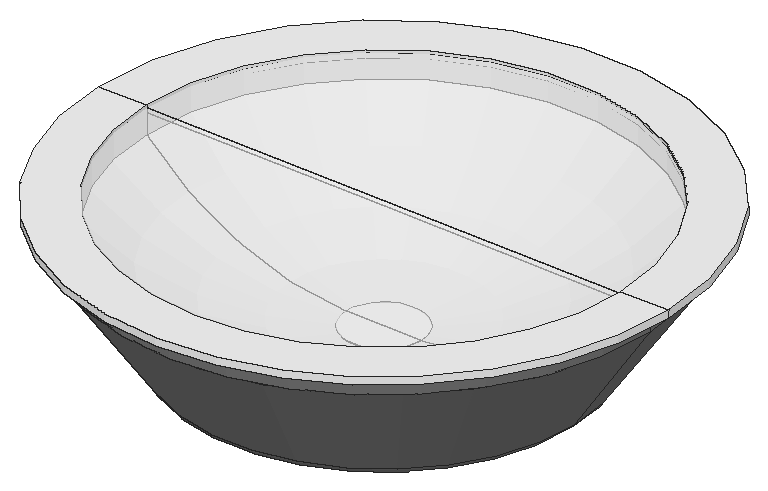
Revit family "0030389", category Lighting Fixtures, host Face, Revit 2017
Family settings
  Host = Face
  Round Connector Dimension = Use Diameter
  Part Type = Normal
  OmniClass Number = 23.80.70.00
  OmniClass Title = Lighting
  Cut with Voids When Loaded = No
  Light Source = Yes
  Shared = No
  Room Calculation Point = No
Parameters (values of type "0030389 INSAVER SLIM IP44 M 225 2239LM 840")
  WidthBezel_SYL = 20 mm
  Weight = "9.96 kg"
  Wattage Comments = ""
  Wattage = 17 W
  WarrantyStartDate [instance] = "n/a"
  WarrantyGuarantorParts = "n/a"
  WarrantyDurationUnit = "n/a"
  WarrantyDurationParts = "n/a"
  WarrantyDescription = "n/a"
  built-in parameter 1150110 = 1 (stored number, unit not read)
  Voltage = 230 V
  URL = "http://www.sylvania-lighting.com"
  TypeName = "Insaver Slim IP44 Multipower 225 2239Lm 840"
  Type Image = <None>
  Type Comments = "n/a"
  built-in parameter 1114217 = 1 (stored number, unit not read)
  Tilt Angle = -90.00°
  built-in parameter 1150109 = 1 (stored number, unit not read)
  built-in parameter 1150134 = 12
  built-in parameter 1150113 = 1 (stored number, unit not read)
  SerialNumber [instance] = "n/a"
  RadiusTop_SYL = 6 mm
  RadiusReflector_SYL = 120 mm
  Photometric Web File = "0030389_17W.ies"
  Material_3_FEILO = Top-Sylvania-STARTDownlight
  PowerFactor = 0.9
  PowerConsumption = "17 W"
  NominalLength = 240 mm
  NominalHeight = 60 mm
  NominalDepth = 240 mm
  Name = "Insaver Slim IP44 Multipower 225 2239Lm 840"
  ModelReference = Name  # "Insaver Slim IP44 Multipower 225 2239Lm 840"
  ModelNumber = "0030389"
  Model = Name  # "Insaver Slim IP44 Multipower 225 2239Lm 840"
  Material = "aluminium housing"
  ManufacturerName = "Feilo Sylvania"
  Manufacturer = "Feilo Sylvania"
  LuminousEfficacy = "131 lm/W"
  built-in parameter 1150105 = 177.22 (stored number, unit not read)
  Lumens = 2227 lm
  LuminaireType = ""
  built-in parameter 1150115 = 1 (stored number, unit not read)
  LightOutputRatio = "n/a"
  built-in parameter 1150137 = (empty or 0)
  built-in parameter 1150139 = (empty or 0)
  LampsType = Lamp  # "LED"
  LampNominalLuminous = "2239 lm"
  LampMacAdamStep = "6"
  LampColourTemperature = "4000 K"
  LampColourRenderingIndex = "80"
  built-in parameter 1150112 = 1 (stored number, unit not read)
  built-in parameter 1150114 = 1 (stored number, unit not read)
  Lamp = "LED"
  Keynote = "16500"
  InstallationDate [instance] = "n/a"
  InputVoltage = "220-240 V AC"
  InputNominalFrequency = "50/60 Hz"
  built-in parameter 1150132 = (empty or 0)
  built-in parameter 1150102 = (empty or 0)
  built-in parameter 1150107 = 4000 (stored number, unit not read)
  built-in parameter 1150138 = (empty or 0)
  IngressProtection = "IP44/20"
  ImpactProtectionIndex = "IK07"
  built-in parameter 1150106 = 1.7722 (stored number, unit not read)
  IfcExportType = "IfcLightFixtureType"
  IfcExportAs = "IfcLightFixtureType"
  Height_SYL = 60 mm
  HeightBezel_SYL = 3 mm
  ExpectedLife = 50000
  Emit from Circle Diameter = Diameter_SYL - 40 mm  # 200 mm
  Emit Shape Visible in Rendering = no
  ElectricShockClassification = "Class II"
  built-in parameter 1150104 = 12.17 (stored number, unit not read)
  DurationUnit = "hours"
  DocumentationLiterature = "http://www.sylvania-lighting.com/product/en-int/products/0030389"
  DimmingControlOptions = "n/a"
  Material_2_FEILO = Diffuser-Sylvania-STARTDownlight
  Dimming Lamp Color Temperature Shift = <None>
  Diameter_SYL = 240 mm
  DiameterTop_SYL = 158 mm
  DiameterTopBase_SYL = DiameterRecess_SYL  # 225 mm
  DiameterRecess_SYL = 225 mm
  Description = "Ceiling recessed LED downlight. With the help of DIP Switch multiple lumen outputs can be set up in 6 steps (7.7W 1060lm, 9.2W 1270lm, 11.6W 1600lm, 13W 1760lm, 15.5W 2050m, 17W 2230lm, 32W). Die-cast aluminium body, Non dimmable LED driver ; 50000 hrs (L70); 4000K; UGR <22 with shallow recessed depth 60mm."
  Default Elevation = 1219.2 mm
  CreatedOn = "1/7/2020"
  CreatedBy = "@sylvania-lighting.com"
  Cost = 0
  Color Filter = 16777215
  built-in parameter 1114216 [instance] = (empty or 0)
  ClassificationValue = "EF_70_80"
  ClassificationName = "Uniclass2015"
  Material_1_FEILO = Trim-Sylvania-STARTDownlight-White
  BarCode [instance] = "n/a"
  built-in parameter 1114218 = 1 (stored number, unit not read)
  built-in parameter 1150133 = 10 (stored number, unit not read)
  AssetType = "Fixed"
  AssetIdentifier [instance] = "n/a"
  Assembly Code = "D5020200"
  Apparent Load = 17 VA
  Material_4_FEILO = LED-Sylvania-STARTDownlight
Types (6, lengths in mm): name | Wattage | TypeName | Photometric Web File | PowerConsumption | Name | ModelReference | Model | built-in parameter 1150105 | Lumens | LampNominalLuminous | built-in parameter 1150106 | Apparent Load
  0030389 INSAVER SLIM IP44 M 225 2239LM 840 | 17 W | "Insaver Slim IP44 Multipower 225 2239Lm 840" | "0030389_17W.ies" | "17 W" | "Insaver Slim IP44 Multipower 225 2239Lm 840" | "Insaver Slim IP44 Multipower 225 2239Lm 840" | "Insaver Slim IP44 Multipower 225 2239Lm 840" | 177.22 (stored number, unit not read) | 2227 lm | "2239 lm" | 1.7722 (stored number, unit not read) | 17 VA
  0030389 INSAVER SLIM IP44 M 225 2057LM 840 | 15.5 W | "Insaver Slim IP44 Multipower 225 2057Lm 840" | "0030389_15.5W.ies" | "15.5 W" | "Insaver Slim IP44 Multipower 225 2057Lm 840" | "Insaver Slim IP44 Multipower 225 2057Lm 840" | "Insaver Slim IP44 Multipower 225 2057Lm 840" | 161.58 (stored number, unit not read) | 2030.5 lm | "2057 lm" | 1.6158 (stored number, unit not read) | 15.5 VA
  0030389 INSAVER SLIM IP44 M 225 1764LM 840 | 13 W | "Insaver Slim IP44 Multipower 225 1764Lm 840" | "0030389_13W.ies" | "13 W" | "Insaver Slim IP44 Multipower 225 1764Lm 840" | "Insaver Slim IP44 Multipower 225 1764Lm 840" | "Insaver Slim IP44 Multipower 225 1764Lm 840" | 135.52 (stored number, unit not read) | 1703 lm | "1764 lm" | 1.3552 (stored number, unit not read) | 13 VA
  0030389 INSAVER SLIM IP44 M 225 1587LM 840 | 11.6 W | "Insaver Slim IP44 Multipower 225 1587Lm 840" | "0030389_11.6W.ies" | "11.6 W" | "Insaver Slim IP44 Multipower 225 1587Lm 840" | "Insaver Slim IP44 Multipower 225 1587Lm 840" | "Insaver Slim IP44 Multipower 225 1587Lm 840" | 120.93 (stored number, unit not read) | 1519.6 lm | "1587 lm" | 1.2093 (stored number, unit not read) | 11.6 VA
  0030389 INSAVER SLIM IP44 M 225 1269LM 840 | 9.2 W | "Insaver Slim IP44 Multipower 225 1269Lm 840" | "0030389_9.2W.ies" | "9.2 W" | "Insaver Slim IP44 Multipower 225 1269Lm 840" | "Insaver Slim IP44 Multipower 225 1269Lm 840" | "Insaver Slim IP44 Multipower 225 1269Lm 840" | 95.907 (stored number, unit not read) | 1205.2 lm | "1269 lm" | 0.95907 (stored number, unit not read) | 9.2 VA
  0030389 INSAVER SLIM IP44 M 225 1067LM 840 | 7.7 W | "Insaver Slim IP44 Multipower 225 1067Lm 840" | "0030389_7.7W.ies" | "7.7 W" | "Insaver Slim IP44 Multipower 225 1067Lm 840" | "Insaver Slim IP44 Multipower 225 1067Lm 840" | "Insaver Slim IP44 Multipower 225 1067Lm 840" | 80.27 (stored number, unit not read) | 1008.7 lm | "1067 lm" | 0.8027 (stored number, unit not read) | 7.7 VA
Reference planes
  plane 1 "Center (Front/Back)": y = 0
  plane 2: z = 0
  plane 3 "Center (Left/Right)": x = 0
  plane 4: x = 120
  plane 5: x = -120
  plane 6: z = 3
  plane 7: z = -8
  plane 8: z = -57
  plane 9: x = -112.5
  plane 10: x = 112.5
  plane 11: x = -79
  plane 12: x = 79
  plane 13: z = -85
  plane 14: x = -100
  plane 15: z = 2
  plane 16: z = -45
  plane 17: x = -16
  plane 18: x = -105
  plane 19: x = -81.5
  plane 20: x = -99.5
  plane 21: x = -114
  plane 22: z = 5.5
  plane 23: z = 8.7
  plane 24: x = -113
  plane 25: z = 13.7
Forms (mm)
  Revolve 1, void
    sketch origin (0, 0, 0) x (1, 0, 0) y (0, 0, 1)
      loop
        line (0, 0) -> (-112.5, 0) -> (-112.5, -85) -> (0, -85) -> (0, 0)
      axis (0, 0) -> (0, -85)
    angle from 360 to 0
  Revolve 2, solid, material "Trim-Sylvania-STARTDownlight-White" <- "Material_1_FEILO"
    sketch origin (0, 0, 0) x (1, 0, 0) y (0, 0, 1)
      loop
        line (-100, 3) -> (-120, 3) -> (-120, 0) -> (-112.5, 0) -> (-112.5, -8) -> (-80.681, -53.768)
        arc (-80.681, -53.768) -> (-78.471, -56.129) -> (-75.357, -57) r 6
        line (-75.357, -57) -> (0, -57) -> (0, -45) -> (-16, -45)
        arc (-16, -45) -> (-61.677, -34.849) -> (-100, -8) r 120
        line (-100, -8) -> (-100, 3)
      axis (0, 3) -> (0, -57)
    angle from 360 to 0
  Revolve 3, solid, material "Diffuser-Sylvania-STARTDownlight" <- "Material_2_FEILO"
    sketch origin (0, 0, 0) x (1, 0, 0) y (0, 0, 1)
      loop
        line (-100, 0) -> (0, 0) -> (0, 2) -> (-100, 2) -> (-100, 0)
      axis (0, 2) -> (0, 0)
    angle from 360 to 0
Dimensions and locks
  equal spacing: plane 4, plane 3 "Center (Left/Right)", plane 5
  "Diameter_SYL": plane 4 to plane 5
  equal spacing: plane 10, plane 3 "Center (Left/Right)", plane 9
  equal spacing: plane 12, plane 3 "Center (Left/Right)", plane 11
  "DiameterTop_SYL": plane 12 to plane 11
  "HeightBezel_SYL": plane 6 to plane 2
  "Height_SYL": plane 6 to plane 8
  locked: plane 2 to plane 7 at 8
  locked: plane 2 to plane 13 at 85
  "WidthBezel_SYL": plane 14 to plane 5
  locked: plane 6 to plane 15 at 1
  "DiameterRecess_SYL": plane 10 to plane 9
  locked: plane 3 "Center (Left/Right)" to plane 17 at 16
  locked: plane 16 to plane 8 at 12
  locked: plane 18 to plane 21 at 9
  locked: plane 22 to plane 6 at 2.5
  locked: plane 23 to plane 22 at 3.2
  locked: plane 18 to plane 24 at 8
  locked: plane 25 to plane 23 at 5
  locked: plane 18 to plane 5 at 15
  "RadiusReflector_SYL": radius of Revolve 2 sketch curve
  "RadiusTop_SYL": radius of Revolve 2 sketch curve
  aligned and locked: plane 2 to host face
  aligned and locked: level to host face
  aligned and locked: Revolve 1 sketch curve to plane 3 "Center (Left/Right)"
  aligned and locked: plane 3 "Center (Left/Right)" to Revolve 1 sketch curve
  aligned and locked: Revolve 1 sketch curve to plane 9
  aligned and locked: plane 13 to Revolve 1 sketch curve
  aligned and locked: plane 3 "Center (Left/Right)" to imposter light
  aligned and locked: imposter light to plane 15
  aligned and locked: imposter light to plane 1 "Center (Front/Back)"
  aligned and locked: Revolve 2 sketch curve to plane 3 "Center (Left/Right)"
  aligned and locked: Revolve 2 sketch curve to plane 6
  aligned and locked: Revolve 2 sketch curve to plane 5
  aligned and locked: Revolve 2 sketch curve to level
  aligned and locked: plane 7 to Revolve 2 sketch curve  (x2)
  aligned and locked: Revolve 2 sketch curve to plane 9
  aligned and locked: plane 8 to Revolve 2 sketch curve
  aligned and locked: Revolve 2 sketch curve to plane 14
  aligned and locked: plane 3 "Center (Left/Right)" to Revolve 2 sketch curve
  aligned and locked: Revolve 2 sketch curve to plane 16
  aligned and locked: Revolve 3 sketch curve to plane 3 "Center (Left/Right)"
  aligned and locked: Revolve 3 sketch curve to level
  aligned and locked: imposter light to Revolve 3 sketch curve  (x2)
Automatic sketch dimensions
  host sketch curve to host sketch curve = 400 mm  (x2)
  plane 13 to Revolve 1 sketch curve = 524.6 mm
  Revolve 1 sketch curve to plane 6 = 2606.058 mm
  Revolve 1 sketch curve to level = 0 mm
  Revolve 2 sketch curve to plane 17 = 0 mm
  Revolve 2 sketch curve to plane 11 = 1.681 mm
  plane 11 to Revolve 2 sketch curve = 3.643 mm
  plane 13 to Revolve 2 sketch curve = 524.6 mm
  Revolve 2 sketch curve to Revolve 2 sketch curve = 2577.983 mm
  Revolve 3 sketch curve to plane 14 = 0 mm
  plane 13 to Revolve 3 sketch curve = 524.6 mm
  Revolve 3 sketch curve to plane 6 = 2606.058 mm
Connectors
  electrical at (0, 0, 0), driven by "Apparent Load", driven by "PowerFactor", driven by "Voltage"
    settings: index 1, voltage 230 V, apparent load 17 VA, apparent load phase1 0 VA, apparent load phase2 0 VA, apparent load phase3 0 VA, power factor 0.9, load classification "Lighting", number of poles 1, system type 30, power factor state 1, is connector primary yes, connector utility no, sub classification motor no, connector description ""
